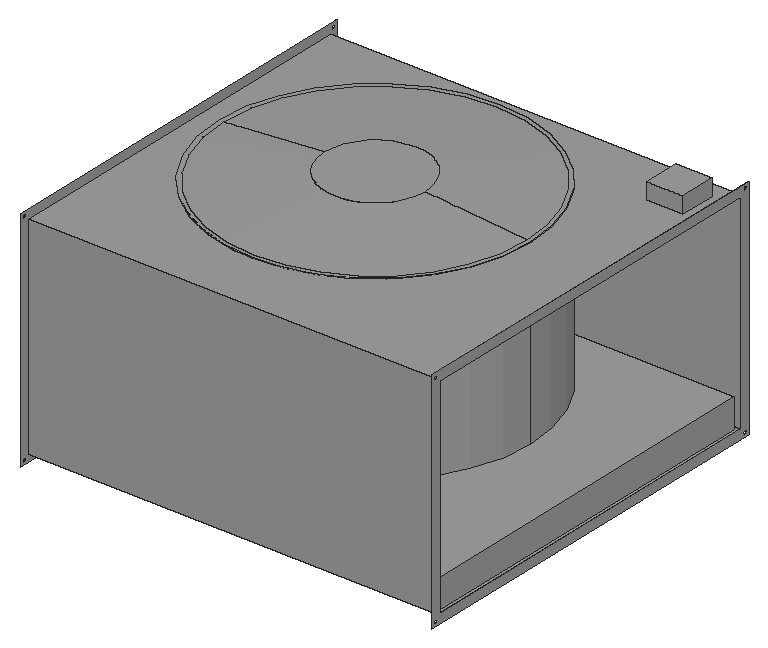
Revit family "BIMLIB_КанальныйВентилятор_RF-VIM_RF-B-VIM_RF-B-EC_SHUFT", category Оборудование, Revit 2017
Family settings
  Размер круглого соединителя = Использовать диаметр
  Тип детали = Вставляется
  На основе рабочей плоскости = Нет
  Всегда вертикально = Да
  При загрузке вырезать с полостями = Нет
  Общий = Нет
  Точка расчета площади = Нет
Parameters (values of type "RFD-B EC 900x500-S")
  Ширина клеммной коробки = 85 mm
  Повернуть УГО [instance] = yes
  Описание = "Корпус вентиляторов серии RFE-B EC изготовлен из оцинкованной стали. Вентиляторы оборудованы высокоэффективной крыльчаткой с вперед загнутыми лопатками и асинхронным двигателем с внешним ротором IP54, клеммная коробка IP55. Рабочее колесо установлено методом напрессовки непосредственно на ротор электродвигателя. Электродвигатель с рабочим колесом статически и динамически сбалансированы в двух плоскостях. Шариковые подшипники двигателя не требуют техобслуживания. Защита двигателя вентилятора осуществляется встроенными термоконтактами, требующими подключения внешнего защитного термореле. В случае применения пятиступенчатых регуляторов скорости TRE-T и TRD-T дополнительное защитное термореле не нужно. Регулирование скорости вентилятора осуществляется путем изменения напряжения за счет использования пятиступенчатых трансформаторов TRE-T, TRD-T или однофазных плавных регуляторов скорости SRE."
  Климатическое исполнение = "У2"  # constant formula
  Изготовитель = "ООО «Завод ВКО» марка SHUFT"  # constant formula
  Глубина клеммной коробки = 85 mm
  Высота коннекторов = ADSK_Размер_Высота / 2  # 250 mm
  Высота клеммной коробки = 40 mm
  r3 [instance] = size_lookup("Размеры", "r3", 0 mm, H, W, Тип, if(Модификация S, 1, 0), if(Модицикация M, 1, 0))  # 120 mm
  r2 [instance] = size_lookup("Размеры", "r2", 0 mm, H, W, Тип, if(Модификация S, 1, 0), if(Модицикация M, 1, 0))  # 360 mm
  r1 [instance] = size_lookup("Размеры", "r1", 0 mm, H, W, Тип, if(Модификация S, 1, 0), if(Модицикация M, 1, 0))  # 370 mm
  r [instance] = d / 2  # 5 mm
  d [instance] = size_lookup("Размеры", "d", 0 mm, H, W, Тип, if(Модификация S, 1, 0), if(Модицикация M, 1, 0))  # 10 mm
  Watermark [instance] = "Модели защищены уникальным кодом"
  W2 [instance] = size_lookup("Размеры", "W2", 0 mm, H, W, Тип, if(Модификация S, 1, 0), if(Модицикация M, 1, 0))  # 940 mm
  W1 [instance] = size_lookup("Размеры", "W1", 0 mm, H, W, Тип, if(Модификация S, 1, 0), if(Модицикация M, 1, 0))  # 920 mm
  W = ADSK_Размер_Ширина  # 900 mm
  Модификация S = yes
  URL = "http://www.shuft.ru/"
  Тип = 32
  Модицикация M = no
  L [instance] = ADSK_Размер_Длина  # 980 mm
  IP Двигателя = "IP54"
  H2 [instance] = size_lookup("Размеры", "H2", 0 mm, H, W, Тип, if(Модификация S, 1, 0), if(Модицикация M, 1, 0))  # 540 mm
  H1 [instance] = size_lookup("Размеры", "H1", 0 mm, H, W, Тип, if(Модификация S, 1, 0), if(Модицикация M, 1, 0))  # 520 mm
  H* [instance] = size_lookup("Размеры", "H*", 0 mm, H, W, Тип, if(Модификация S, 1, 0), if(Модицикация M, 1, 0))  # 540 mm
  H = ADSK_Размер_Высота  # 500 mm
  BL_Разработано = "support@bimlib.pro"  # constant formula
  BL_Email = "bimmodels@rusklimat.ru"  # constant formula
  BL_BIM library = "https://bimlib.pro/manufacturer/company/23829"
  ADSK_Частота вращения двигателя [instance] = size_lookup("Данные", "ADSK_Частота вращения двигателя", 0, H, W, L, Тип)  # 1860
  ADSK_Ток [instance] = size_lookup("Данные", "ADSK_Ток", 0 A, H, W, L, Тип)  # 5.8 A
  ADSK_Расход воздуха [instance] = 0.0 L/s
  ADSK_Размер_Ширина = 900 mm
  ADSK_Размер_Длина [instance] = size_lookup("Размеры", "L", 0 mm, H, W, Тип, if(Модификация S, 1, 0), if(Модицикация M, 1, 0))  # 980 mm
  ADSK_Размер_Высота = 500 mm
  ADSK_Примечание [instance] = ""
  ADSK_Потеря давления воздуха [instance] = 0.0 Pa
  ADSK_Полная мощность [instance] = ADSK_Номинальная мощность  # 3.6 kW
  ADSK_Позиция = ""
  ADSK_Обозначение = ""
  ADSK_Номинальная мощность [instance] = size_lookup("Данные", "ADSK_Номинальная мощность", 0 kW, H, W, L, Тип)  # 3.6 kW
  ADSK_Напряжение [instance] = size_lookup("Данные", "f", 0, H, W, L, Тип, if([230B], 1, 0), if([400B], 1, 0)) * 1 V  # 400 V
  ADSK_Наименование = "Канальный вентилятор RFD-B EC 900x500-S"
  ADSK_Материал = BIMLIB_Сталь_SHUFT
  ADSK_Масса [instance] = size_lookup("Данные", "ADSK_Масса", 0, H, W, L)  # 89
  ADSK_Марка [instance] = size_lookup("Данные", "", "Нет решения", H, W, L, Тип, if([230B], 1, 0), if([400B], 1, 0), if(Модификация S, 1, 0), if(Модицикация M, 1, 0))  # "RFD-B EC 900x500-S"
  ADSK_Коэффициент мощности = 1
  ADSK_Количество фаз = 3
  ADSK_Код изделия [instance] = ADSK_Марка  # "RFD-B EC 900x500-S"
  ADSK_Классификация нагрузок = Прочее
  ADSK_Завод-изготовитель = "ООО «Завод ВКО» марка SHUFT"  # constant formula
  ADSK_Единица измерения = "шт."  # constant formula
  ADSK_Версия семейства = "v.1"  # constant formula
  ADSK_Версия Revit = "2017"  # constant formula
  ADSK_URL страницы изделия = "http://www.shuft.ru/catalog/1/200/3000/101670/"
  ADSK_URL документации изделия = "http://www.shuft.ru/upload/downloads/passport-RF_VIM.pdf"
  400B = yes
  230B = no
Reference planes
  plane 1 "По центру (Вперед/Назад)": y = 0
  plane 2: z = 0
  plane 3 "По центру (Влево/Вправо)": x = 0
  plane 4: x = 490
  plane 5: x = -490
  plane 6: z = 250
  plane 7: z = -250
  plane 8: y = -450
  plane 9: y = 450
  plane 10: z = -270
  plane 11: z = 270
  plane 12: y = 470
  plane 13: y = -470
  plane 14: z = -260
  plane 15: z = 260
  plane 16: y = -460
  plane 17: y = 460
  plane 18: z = 270
  plane 19: x = 480
  plane 20: x = -480
  plane 21: x = -75
  plane 22: y = 66.6
  plane 23: y = -440
  plane 24: y = 440
  plane 25: x = 450
  plane 26: x = 365
  plane 27: y = 410
  plane 28: y = 325
  plane 29: z = 290
Forms (mm)
  Extrusion 1, solid, material "BIMLIB_Сталь_SHUFT" <- "ADSK_Материал", detail levels medium+fine
    sketch origin (0, 0, 0) x (0, 1, 0) y (0, 0, 1)
      loop
        line (-450, 250) -> (-450, -250) -> (450, -250) -> (450, 250) -> (-450, 250)
      loop
        line (-449, -249) -> (449, -249) -> (449, 249) -> (-449, 249) -> (-449, -249)
    from -489 to 489
  Extrusion 2, solid, material "BIMLIB_Сталь_SHUFT" <- "ADSK_Материал", detail levels medium+fine
    sketch origin (0, 0, 0) x (0, 1, 0) y (0, 0, -1)
      loop
        line (-470, -270) -> (470, -270) -> (470, 270) -> (-470, 270) -> (-470, -270)
      loop
        line (-448, -248) -> (448, -248) -> (448, 248) -> (-448, 248) -> (-448, -248)
    from -490 to -489
  Extrusion 3, solid, material "BIMLIB_Сталь_SHUFT" <- "ADSK_Материал", detail levels medium+fine
    sketch origin (0, 0, 0) x (0, 1, 0) y (0, 0, 1)
      loop
        line (-470, 270) -> (-470, -270) -> (470, -270) -> (470, 270) -> (-470, 270)
      loop
        line (-449, 249) -> (-449, -249) -> (449, -249) -> (449, 249) -> (-449, 249)
    from -490 to -489
  Extrusion 4, void
    sketch origin (0, 0, 0) x (0, 1, 0) y (0, 0, 1)
      loop
        circle (-460, 260) r 5
      loop
        circle (460, 260) r 5
      loop
        circle (-460, -260) r 5
      loop
        circle (460, -260) r 5
    from -489 to -490
  Extrusion 5, void
    sketch origin (0, 0, 0) x (0, 1, 0) y (0, 0, -1)
      loop
        circle (-460, -260) r 5
      loop
        circle (460, -260) r 5
      loop
        circle (-460, 260) r 5
      loop
        circle (460, 260) r 5
    from -489 to -490
  Extrusion 6, solid, material "BIMLIB_Сталь_SHUFT" <- "ADSK_Материал", detail levels fine
    sketch origin (0, 0, 0.827) x (0, 1, 0) y (0, 0, 1)
      loop
        line (-440, -249.827) -> (440, -249.827) -> (440, -180.827) -> (-440, -180.827) -> (-440, -249.827)
    from 480 to -480
  Extrusion 7, solid, material "BIMLIB_Сталь_SHUFT" <- "ADSK_Материал", detail levels fine
    sketch origin (0, 0, 0) x (1, 0, 0) y (0, 1, 0)
      loop
        circle (-75, 66.6) r 370
    from 250 to -180
  Blend 8, solid, material "BIMLIB_Сталь_SHUFT" <- "ADSK_Материал", detail levels fine
    base sketch origin (0, 0, 0) x (1, 0, 0) y (0, 1, 0)
      loop
        circle (-75, 66.6) r 360
    top sketch origin (0, 0, 0) x (1, 0, 0) y (0, 1, 0)
      loop
        circle (-75, 66.6) r 120
    from 250 to 270
  Extrusion 9, solid, material "BIMLIB_Сталь_SHUFT" <- "ADSK_Материал", detail levels fine
    sketch origin (0, 0, 0) x (1, 0, 0) y (0, 1, 0)
      loop
        line (365, 410) -> (365, 325) -> (450, 325) -> (450, 410) -> (365, 410)
    from 290 to 250
Cuts and joins
  Extrusion 4, Extrusion 5 cuts Extrusion 3
  Extrusion 5 cuts Extrusion 2
Dimensions and locks
  "L": plane 4 to plane 5
  "H": plane 6 to plane 7
  equal spacing: plane 8, plane 1 "По центру (Вперед/Назад)", plane 9
  "W": plane 8 to plane 9
  equal spacing: plane 6, level, plane 7
  equal spacing: plane 4, plane 3 "По центру (Влево/Вправо)", plane 5
  "H2": plane 11 to plane 10
  equal spacing: plane 11, level, plane 10
  "H1": plane 15 to plane 14
  equal spacing: plane 15, level, plane 14
  "W2": plane 13 to plane 12
  "W1": plane 16 to plane 17
  equal spacing: plane 16, plane 1 "По центру (Вперед/Назад)", plane 17
  "H*": plane 18 to plane 10
  locked: plane 5 to plane 20 at 10
  locked: plane 4 to plane 19 at 10
  locked: Extrusion 6 to plane 7 at 70
  locked: plane 21 to plane 3 "По центру (Влево/Вправо)" at 75
  locked: plane 1 "По центру (Вперед/Назад)" to plane 22 at 66.6
  locked: cut or joined group of Extrusion 3, Extrusion 4, Extrusion 5 to cut or joined group of Extrusion 3, Extrusion 4, Extrusion 5 at 1
  locked: cut or joined group of Extrusion 2, Extrusion 5 to cut or joined group of Extrusion 2, Extrusion 5 at 1
  locked: cut or joined group of Extrusion 2, Extrusion 5 to cut or joined group of Extrusion 2, Extrusion 5 at 22  (x4)
  equal spacing: plane 13, plane 1 "По центру (Вперед/Назад)", plane 12
  locked: plane 24 to plane 9 at 10
  locked: plane 8 to plane 23 at 10
  locked: plane 25 to plane 19 at 30
  "Ширина клеммной коробки": plane 26 to plane 25
  locked: plane 27 to plane 24 at 30
  "Глубина клеммной коробки": plane 28 to plane 27
  "Высота клеммной коробки": plane 29 to plane 6
  "r": radius of Extrusion 4 sketch curve  (x4)
  "r": radius of Extrusion 5 sketch curve  (x4)
  "r1": radius of Extrusion 7 sketch curve
  "r2": radius of Blend 8 sketch curve
  "r3": radius of Blend 8 sketch curve
  aligned and locked: level to plane 2
  aligned and locked: plane 6 to Extrusion 1
  aligned and locked: Extrusion 1 to plane 7
  aligned and locked: Extrusion 1 to Extrusion 2
  aligned and locked: plane 19 to Extrusion 6
  aligned and locked: Extrusion 6 to Extrusion 1
  aligned and locked: plane 6 to Extrusion 7
  aligned and locked: Extrusion 7 to Extrusion 6
  aligned and locked: Blend 8 to plane 6
  aligned and locked: plane 18 to Blend 8
  aligned and locked: Extrusion 4 to Extrusion 1
  aligned and locked: Extrusion 4 to plane 5
  aligned and locked: plane 4 to Extrusion 5
  aligned and locked: Extrusion 5 to Extrusion 1
  aligned and locked: cut or joined group of Extrusion 3, Extrusion 4, Extrusion 5 to Extrusion 1
  aligned and locked: cut or joined group of Extrusion 3, Extrusion 4, Extrusion 5 to plane 5
  aligned and locked: plane 4 to cut or joined group of Extrusion 2, Extrusion 5
  aligned and locked: plane 20 to Extrusion 6
  aligned and locked: plane 23 to Extrusion 6 sketch curve
  aligned and locked: plane 24 to Extrusion 6 sketch curve
  aligned and locked: level to nested 1
  aligned and locked: plane 17 to Extrusion 4 sketch curve
  aligned and locked: plane 15 to Extrusion 4 sketch curve  (x2)
  aligned and locked: plane 14 to Extrusion 4 sketch curve  (x2)
  aligned and locked: Extrusion 4 sketch curve to plane 17
  aligned and locked: plane 16 to Extrusion 4 sketch curve
  aligned and locked: Extrusion 4 sketch curve to plane 16
  aligned and locked: nested 1 to plane 3 "По центру (Влево/Вправо)"
  aligned and locked: nested 1 to plane 1 "По центру (Вперед/Назад)"
  aligned and locked: plane 27 to Extrusion 9 sketch curve
  aligned and locked: plane 26 to Extrusion 9 sketch curve
  aligned and locked: Extrusion 9 sketch curve to plane 28
  aligned and locked: Extrusion 9 sketch curve to plane 25
  aligned and locked: plane 29 to Extrusion 9
  aligned and locked: Extrusion 9 to plane 6
Automatic sketch dimensions
  Extrusion 1 sketch curve to plane 7 = 0 mm
  Extrusion 1 sketch curve to plane 8 = 0 mm
  Extrusion 1 sketch curve to plane 6 = 0 mm
  Extrusion 1 sketch curve to plane 9 = 0 mm
  Extrusion 1 sketch curve to plane 8 = 1 mm
  plane 9 to Extrusion 1 sketch curve = 1 mm
  plane 7 to Extrusion 1 sketch curve = 1 mm
  Extrusion 1 sketch curve to plane 6 = 1 mm
  Extrusion 2 sketch curve to plane 10 = 0 mm
  Extrusion 2 sketch curve to plane 13 = 0 mm
  Extrusion 2 sketch curve to plane 11 = 0 mm
  Extrusion 2 sketch curve to plane 12 = 0 mm
  Extrusion 2 sketch curve to plane 8 = 2 mm
  plane 9 to Extrusion 2 sketch curve = 2 mm
  Extrusion 2 sketch curve to plane 6 = 2 mm
  plane 7 to Extrusion 2 sketch curve = 2 mm
  Extrusion 3 sketch curve to plane 10 = 0 mm
  Extrusion 3 sketch curve to plane 13 = 0 mm
  Extrusion 3 sketch curve to plane 11 = 0 mm
  Extrusion 3 sketch curve to plane 12 = 0 mm
  Extrusion 3 sketch curve to plane 8 = 1 mm
  plane 9 to Extrusion 3 sketch curve = 1 mm
  plane 7 to Extrusion 3 sketch curve = 1 mm
  Extrusion 3 sketch curve to plane 6 = 1 mm
  plane 7 to Extrusion 6 sketch curve = 1 mm
  Extrusion 6 sketch curve to Extrusion 6 sketch curve = 69 mm
  Extrusion 5 sketch curve to plane 14 = 0 mm  (x2)
  Extrusion 5 sketch curve to plane 16 = 0 mm  (x2)
  Extrusion 5 sketch curve to plane 15 = 0 mm  (x2)
  Extrusion 5 sketch curve to plane 17 = 0 mm  (x2)
  Extrusion 7 sketch curve to plane 21 = 0 mm
  plane 22 to Extrusion 7 sketch curve = 0 mm
  Blend 8 sketch curve to plane 21 = 0 mm  (x2)
  plane 22 to Blend 8 sketch curve = 0 mm  (x2)
Nested families
  nested 1: "BIMLIB_УГО_SHUFT" at (0, 0, 0) x (-1, 0, 0) z (0, 0, 1), Высота <- "ADSK_Размер_Высота", Длина <- "ADSK_Размер_Длина", Ширина <- "ADSK_Размер_Ширина", УГО сверху <- "Повернуть УГО", type "BIMLIB_УГО_SHUFT"
    with Ширина/4 225 mm, Ширина 900 mm, УГО спереди no, УГО сверху yes, Длина 980 mm, Высота/4 125 mm, Высота УГО 3д План 126 mm, Высота 500 mm
Connectors
  hvac at (490, 0, 0), driven by "ADSK_Размер_Высота", driven by "ADSK_Размер_Ширина", driven by "ADSK_Расход воздуха", driven by "ADSK_Потеря давления воздуха"
    settings: on cut or joined group of Extrusion 2, Extrusion 5, index 1, duct flow 0.0 L/s, flow factor 0, pres drop 0.0 Pa, loss coef 0, conn angle 0.00°, conn width 900 mm, conn height 500 mm, conn diameter 609.6 mm, duct sys type 29, conn prof type 1, flow config 0, flow direction 1, loss method 0, conn ref index 2, conn util no, is conn primary yes, conn desc "Приточный воздух"
  hvac at (-490, 0, 0), driven by "ADSK_Размер_Высота", driven by "ADSK_Размер_Ширина", driven by "ADSK_Расход воздуха", driven by "ADSK_Потеря давления воздуха"
    settings: on cut or joined group of Extrusion 3, Extrusion 4, Extrusion 5, index 2, duct flow 0.0 L/s, flow factor 0, pres drop 0.0 Pa, loss coef 0, conn angle 0.00°, conn width 900 mm, conn height 500 mm, conn diameter 609.6 mm, duct sys type 29, conn prof type 1, flow config 0, flow direction 2, loss method 0, conn ref index 1, conn util no, is conn primary no, conn desc "Наружный воздух"
  electrical at (407.5, 367.5, 290), driven by "ADSK_Количество фаз", driven by "ADSK_Классификация нагрузок", driven by "ADSK_Напряжение", driven by "ADSK_Полная мощность", driven by "ADSK_Коэффициент мощности"
    settings: on Extrusion 9, index 4, voltage 400 V, apparent load 3.6 kW, apparent load phase1 0 kW, apparent load phase2 0 kW, apparent load phase3 0 kW, power factor 1, load classification "Прочее", number of poles 3, system type 30, power factor state 1, is connector primary yes, connector utility no, sub classification motor no, connector description "Электрический соединитель"
Definition of nested family "BIMLIB_УГО_SHUFT"
  Parameters (values of type "BIMLIB_УГО_SHUFT")
    Ширина/4 [instance] = Ширина / 4  # 105 mm
    Ширина [instance] = 420 mm
    УГО спереди [instance] = not(УГО сверху)  # no
    УГО сверху [instance] = yes
    Высота/4 [instance] = Высота / 4  # 63 mm
    Длина [instance] = 810 mm
    Высота УГО 3д План [instance] = 126 mm
    Высота 1 = 252 mm
    Высота [instance] = 252 mm
  Reference planes
    plane 1 "По центру (Вперед/Назад)": y = 0
    plane 2: z = 0
    plane 3 "По центру (Влево/Вправо)": x = 0
    plane 4: x = -405
    plane 5: x = 405
    plane 6: y = 210
    plane 7: y = -210
    plane 8: z = 126
    plane 9: z = 63
    plane 10: y = 105
    plane 11: y = -105
    plane 12 "УГО": z = 126
    plane 13: z = -63
    plane 14: z = -126
  Lines and regions (mm)
    model lines, visible <- "УГО спереди", detail levels coarse
      curve 1: line (-405, 0, 126) -> (-405, 0, -126)
      curve 2: line (-405, 0, -126) -> (405, 0, -126)
      curve 3: line (405, 0, -126) -> (405, 0, 126)
      curve 4: line (405, 0, 126) -> (-405, 0, 126)
      curve 20: line (-17.124, 0, -46.976) -> (-17.124, 0, 46.976)
      curve 21: line (-17.124, 0, 46.976) -> (50, 0, 0)
      curve 22: circle (0, 0, 0) r 50 normal (0, -1, 0)
      curve 23: line (50, 0, 0) -> (-17.124, 0, -46.976)
    model lines, visible <- "УГО сверху", detail levels coarse
      curve 5: line (-405, 210, 0) -> (-405, -210, 0)
      curve 6: line (-405, -210, 0) -> (405, -210, 0)
      curve 7: line (405, -210, 0) -> (405, 210, 0)
      curve 8: line (405, 210, 0) -> (-405, 210, 0)
      curve 9: line (-38.707, 60.625, 0) -> (71.928, 0, 0)
      curve 10: line (71.928, 0, 0) -> (-38.707, -60.625, 0)
      curve 11: line (-38.707, -60.625, 0) -> (-38.707, 60.625, 0)
      curve 24: circle (0, 0, 0) r 71.928 normal (0, 0, 1)
    symbolic lines, detail levels coarse
      curve 12: line (-405, 0, 126) -> (-405, 0, -126)
      curve 13: line (-405, 0, -126) -> (405, 0, -126)
      curve 14: line (405, 0, -126) -> (405, 0, 126)
      curve 15: line (405, 0, 126) -> (-405, 0, 126)
      curve 16: line (-405, 210, 0) -> (-405, -210, 0)
      curve 17: line (-405, -210, 0) -> (405, -210, 0)
      curve 18: line (405, -210, 0) -> (405, 210, 0)
      curve 19: line (405, 210, 0) -> (-405, 210, 0)
      curve 25: circle (0, 0, 0) r 71.928 normal (0, 0, 1)
      curve 26: line (-38.707, 60.625, 0) -> (-38.707, -60.625, 0)
      curve 27: line (-38.707, -60.625, 0) -> (71.928, 0, 0)
      curve 28: line (71.928, 0, 0) -> (-38.707, 60.625, 0)
      curve 29: circle (0, 0, 0) r 50 normal (0, -1, 0)
      curve 30: line (50, 0, 0) -> (-17.101, 0, 46.985)
      curve 31: line (-17.101, 0, 46.985) -> (-17.101, 0, -46.985)
      curve 32: line (50, 0, 0) -> (-17.101, 0, -46.985)
  Dimensions and locks
    equal spacing: plane 4, plane 3 "По центру (Влево/Вправо)", plane 5
    "Длина": plane 4 to plane 5
    "Ширина": plane 7 to plane 6
    equal spacing: plane 6, plane 10, plane 1 "По центру (Вперед/Назад)", plane 11, plane 7
    "Высота": plane 12 "УГО" to plane 14
    equal spacing: plane 12 "УГО", plane 9, level, plane 13, plane 14
    aligned and locked: level to plane 2
    aligned and locked: plane 8 to curve 15
    aligned and locked: curve 5 to plane 4
    aligned and locked: plane 5 to curve 7
    aligned and locked: plane 14 to curve 13
    aligned and locked: plane 12 "УГО" to curve 15
  Automatic sketch dimensions
    curve 24 to curve 25 = 0 mm  (x2)
    plane 1 "По центру (Вперед/Назад)" to curve 25 = 0 mm
    curve 25 to plane 3 "По центру (Влево/Вправо)" = 0 mm
    plane 1 "По центру (Вперед/Назад)" to curve 28 = 0 mm
    plane 1 "По центру (Вперед/Назад)" to curve 9 = 0 mm
    plane 1 "По центру (Вперед/Назад)" to curve 27 = 0 mm
    plane 7 to curve 16 = 0 mm
    curve 19 to plane 6 = 0 mm
    curve 9 to plane 3 "По центру (Влево/Вправо)" = 38.707 mm
    plane 3 "По центру (Влево/Вправо)" to curve 9 = 71.928 mm
    curve 27 to curve 10 = 0 mm
    curve 28 to curve 9 = 0 mm
    curve 22 to curve 29 = 0 mm  (x2)
    curve 1 to plane 4 = 0 mm
    curve 29 to level = 0 mm
    curve 29 to plane 3 "По центру (Влево/Вправо)" = 0 mm
    curve 21 to level = 0 mm
    curve 32 to level = 0 mm
    curve 15 to plane 5 = 0 mm
    curve 21 to plane 3 "По центру (Влево/Вправо)" = 17.124 mm
    curve 20 to curve 30 = 0.023 mm
    plane 3 "По центру (Влево/Вправо)" to curve 21 = 50 mm
    curve 32 to curve 21 = 0 mm
    radius of curve 25 = 71.928 mm
Types (51, lengths in mm): name | Ширина клеммной коробки | Описание | Глубина клеммной коробки | Высота коннекторов | Высота клеммной коробки | r3 | r2 | r1 | r | d | W2 | W1 | W | Модификация S | Тип | Модицикация M | L | IP Двигателя | H2 | H1 | H* | H | ADSK_Частота вращения двигателя | ADSK_Ток | ADSK_Размер_Ширина | ADSK_Размер_Длина | ADSK_Размер_Высота | ADSK_Полная мощность | ADSK_Номинальная мощность | ADSK_Напряжение | ADSK_Наименование | ADSK_Масса | ADSK_Марка | ADSK_Количество фаз | ADSK_Код изделия | ADSK_URL страницы изделия | ADSK_URL документации изделия | 400B | 230B
  (no name) | 85 | "Корпус вентиляторов серии RFE-B EC изготовлен из оцинкованной стали. Вентиляторы оборудованы высокоэффективной крыльчаткой с вперед загнутыми лопатками и асинхронным двигателем с внешним ротором IP54, клеммная коробка IP55. Рабочее колесо установлено методом напрессовки непосредственно на ротор электродвигателя. Электродвигатель с рабочим колесом статически и динамически сбалансированы в двух плоскостях. Шариковые подшипники двигателя не требуют техобслуживания. Защита двигателя вентилятора осуществляется встроенными термоконтактами, требующими подключения внешнего защитного термореле. В случае применения пятиступенчатых регуляторов скорости TRE-T и TRD-T дополнительное защитное термореле не нужно. Регулирование скорости вентилятора осуществляется путем изменения напряжения за счет использования пятиступенчатых трансформаторов TRE-T, TRD-T или однофазных плавных регуляторов скорости SRE." | 85 | 250 | 40 | 120 | 360 | 370 | 5 | 10 | 940 | 920 | 900 | yes | 32 | no | 980 | "IP54" | 540 | 520 | 540 | 500 | 1860 | 5.8 A | 900 | 980 | 500 | 3.6 kW | 3.6 kW | 400 V | "Канальный вентилятор RFD-B EC 900x500-S" | 89 | "RFD-B EC 900x500-S" | 3 | "RFD-B EC 900x500-S" | "http://www.shuft.ru/catalog/1/200/3000/101670/" | "http://www.shuft.ru/upload/downloads/passport-RF_VIM.pdf" | yes | no
  RFE 400х200-4 VIM | 85 | "Корпус вентиляторов серии RF VIM изготовлен из оцинкованной стали. Вентиляторы оборудованы высокоэффективной крыльчаткой с вперед загнутыми лопатками и асинхронным двигателем с внешним ротором IP54, клеммная коробка IP55. Рабочее колесо установлено методом напрессовки непосредственно на ротор электродвигателя. Электродвигатель с рабочим колесом статически и динамически сбалансированы в двух плоскостях. Шариковые подшипники двигателя не требуют техобслуживания. Защита двигателя вентилятора осуществляется встроенными термоконтактами, требующими подключения внешнего защитного термореле. В случае применения пятиступенчатых регуляторов скорости TRE-T и TRD-T дополнительное защитное термореле не нужно. Регулирование скорости вентилятора осуществляется путем изменения напряжения за счет использования пятиступенчатых трансформаторов TRE-T, TRD-T или однофазных плавных регуляторов скорости SRE." | 85 | 100 | 40 | 40 | 115 | 120 | 4.5 | 9 | 442 | 422 | 400 | no | 1 | no | 450 | "IP54" | 242 | 222 | 263 | 200 | 1340 | 1.4 A | 400 | 450 | 200 | 0.32 kW | 0.32 kW | 230 V | "Канальный вентилятор RFE 400х200-4 VIM" | 12.25 | "RFE 400х200-4 VIM" | 1 | "RFE 400х200-4 VIM" | "http://www.shuft.ru/catalog/1/200/3000/4008/" | "http://www.shuft.ru/upload/downloads/passport-RF_VIM.pdf" | no | yes
  RFD 400х200-4 VIM | 85 | "Корпус вентиляторов серии RF VIM изготовлен из оцинкованной стали. Вентиляторы оборудованы высокоэффективной крыльчаткой с вперед загнутыми лопатками и асинхронным двигателем с внешним ротором IP54, клеммная коробка IP55. Рабочее колесо установлено методом напрессовки непосредственно на ротор электродвигателя. Электродвигатель с рабочим колесом статически и динамически сбалансированы в двух плоскостях. Шариковые подшипники двигателя не требуют техобслуживания. Защита двигателя вентилятора осуществляется встроенными термоконтактами, требующими подключения внешнего защитного термореле. В случае применения пятиступенчатых регуляторов скорости TRE-T и TRD-T дополнительное защитное термореле не нужно. Регулирование скорости вентилятора осуществляется путем изменения напряжения за счет использования пятиступенчатых трансформаторов TRE-T, TRD-T или однофазных плавных регуляторов скорости SRE." | 85 | 100 | 40 | 40 | 115 | 120 | 4.5 | 9 | 442 | 422 | 400 | no | 2 | no | 450 | "IP54" | 242 | 222 | 263 | 200 | 1300 | 0.58 A | 400 | 450 | 200 | 0.3 kW | 0.3 kW | 400 V | "Канальный вентилятор RFD 400х200-4 VIM" | 12.25 | "RFD 400х200-4 VIM" | 3 | "RFD 400х200-4 VIM" | "http://www.shuft.ru/catalog/1/200/3000/4008/" | "http://www.shuft.ru/upload/downloads/passport-RF_VIM.pdf" | yes | no
  RFE 500x250-4 VIM | 85 | "Корпус вентиляторов серии RF VIM изготовлен из оцинкованной стали. Вентиляторы оборудованы высокоэффективной крыльчаткой с вперед загнутыми лопатками и асинхронным двигателем с внешним ротором IP54, клеммная коробка IP55. Рабочее колесо установлено методом напрессовки непосредственно на ротор электродвигателя. Электродвигатель с рабочим колесом статически и динамически сбалансированы в двух плоскостях. Шариковые подшипники двигателя не требуют техобслуживания. Защита двигателя вентилятора осуществляется встроенными термоконтактами, требующими подключения внешнего защитного термореле. В случае применения пятиступенчатых регуляторов скорости TRE-T и TRD-T дополнительное защитное термореле не нужно. Регулирование скорости вентилятора осуществляется путем изменения напряжения за счет использования пятиступенчатых трансформаторов TRE-T, TRD-T или однофазных плавных регуляторов скорости SRE." | 85 | 125 | 40 | 50 | 165 | 170 | 4.5 | 9 | 542 | 522 | 500 | no | 3 | no | 535 | "IP54" | 292 | 272 | 320 | 250 | 1300 | 2.15 A | 500 | 535 | 250 | 0.47 kW | 0.47 kW | 230 V | "Канальный вентилятор RFE 500x250-4 VIM" | 17.2 | "RFE 500x250-4 VIM" | 1 | "RFE 500x250-4 VIM" | "http://www.shuft.ru/catalog/1/200/3000/4008/" | "http://www.shuft.ru/upload/downloads/passport-RF_VIM.pdf" | no | yes
  RFD 500x250-4 VIM | 85 | "Корпус вентиляторов серии RF VIM изготовлен из оцинкованной стали. Вентиляторы оборудованы высокоэффективной крыльчаткой с вперед загнутыми лопатками и асинхронным двигателем с внешним ротором IP54, клеммная коробка IP55. Рабочее колесо установлено методом напрессовки непосредственно на ротор электродвигателя. Электродвигатель с рабочим колесом статически и динамически сбалансированы в двух плоскостях. Шариковые подшипники двигателя не требуют техобслуживания. Защита двигателя вентилятора осуществляется встроенными термоконтактами, требующими подключения внешнего защитного термореле. В случае применения пятиступенчатых регуляторов скорости TRE-T и TRD-T дополнительное защитное термореле не нужно. Регулирование скорости вентилятора осуществляется путем изменения напряжения за счет использования пятиступенчатых трансформаторов TRE-T, TRD-T или однофазных плавных регуляторов скорости SRE." | 85 | 125 | 40 | 50 | 165 | 170 | 4.5 | 9 | 542 | 522 | 500 | no | 4 | no | 535 | "IP54" | 292 | 272 | 320 | 250 | 1340 | 0.9 A | 500 | 535 | 250 | 0.47 kW | 0.47 kW | 400 V | "Канальный вентилятор RFD 500x250-4 VIM" | 17.2 | "RFD 500x250-4 VIM" | 3 | "RFD 500x250-4 VIM" | "http://www.shuft.ru/catalog/1/200/3000/4008/" | "http://www.shuft.ru/upload/downloads/passport-RF_VIM.pdf" | yes | no
  RFE 500x300-4 VIM | 85 | "Корпус вентиляторов серии RF VIM изготовлен из оцинкованной стали. Вентиляторы оборудованы высокоэффективной крыльчаткой с вперед загнутыми лопатками и асинхронным двигателем с внешним ротором IP54, клеммная коробка IP55. Рабочее колесо установлено методом напрессовки непосредственно на ротор электродвигателя. Электродвигатель с рабочим колесом статически и динамически сбалансированы в двух плоскостях. Шариковые подшипники двигателя не требуют техобслуживания. Защита двигателя вентилятора осуществляется встроенными термоконтактами, требующими подключения внешнего защитного термореле. В случае применения пятиступенчатых регуляторов скорости TRE-T и TRD-T дополнительное защитное термореле не нужно. Регулирование скорости вентилятора осуществляется путем изменения напряжения за счет использования пятиступенчатых трансформаторов TRE-T, TRD-T или однофазных плавных регуляторов скорости SRE." | 85 | 150 | 40 | 60 | 165 | 175 | 4.5 | 9 | 542 | 522 | 500 | no | 5 | no | 565 | "IP54" | 342 | 322 | 377 | 300 | 1390 | 4 A | 500 | 565 | 300 | 0.91 kW | 0.91 kW | 230 V | "Канальный вентилятор RFE 500x300-4 VIM" | 22 | "RFE 500x300-4 VIM" | 1 | "RFE 500x300-4 VIM" | "http://www.shuft.ru/catalog/1/200/3000/4008/" | "http://www.shuft.ru/upload/downloads/passport-RF_VIM.pdf" | no | yes
  RFD 500x300-4 VIM | 85 | "Корпус вентиляторов серии RF VIM изготовлен из оцинкованной стали. Вентиляторы оборудованы высокоэффективной крыльчаткой с вперед загнутыми лопатками и асинхронным двигателем с внешним ротором IP54, клеммная коробка IP55. Рабочее колесо установлено методом напрессовки непосредственно на ротор электродвигателя. Электродвигатель с рабочим колесом статически и динамически сбалансированы в двух плоскостях. Шариковые подшипники двигателя не требуют техобслуживания. Защита двигателя вентилятора осуществляется встроенными термоконтактами, требующими подключения внешнего защитного термореле. В случае применения пятиступенчатых регуляторов скорости TRE-T и TRD-T дополнительное защитное термореле не нужно. Регулирование скорости вентилятора осуществляется путем изменения напряжения за счет использования пятиступенчатых трансформаторов TRE-T, TRD-T или однофазных плавных регуляторов скорости SRE." | 85 | 150 | 40 | 60 | 165 | 175 | 4.5 | 9 | 542 | 522 | 500 | no | 6 | no | 565 | "IP54" | 342 | 322 | 377 | 300 | 1380 | 1.72 A | 500 | 565 | 300 | 0.86 kW | 0.86 kW | 400 V | "Канальный вентилятор RFD 500x300-4 VIM" | 22 | "RFD 500x300-4 VIM" | 3 | "RFD 500x300-4 VIM" | "http://www.shuft.ru/catalog/1/200/3000/4008/" | "http://www.shuft.ru/upload/downloads/passport-RF_VIM.pdf" | yes | no
  RFE 600x300-4 VIM | 85 | "Корпус вентиляторов серии RF VIM изготовлен из оцинкованной стали. Вентиляторы оборудованы высокоэффективной крыльчаткой с вперед загнутыми лопатками и асинхронным двигателем с внешним ротором IP54, клеммная коробка IP55. Рабочее колесо установлено методом напрессовки непосредственно на ротор электродвигателя. Электродвигатель с рабочим колесом статически и динамически сбалансированы в двух плоскостях. Шариковые подшипники двигателя не требуют техобслуживания. Защита двигателя вентилятора осуществляется встроенными термоконтактами, требующими подключения внешнего защитного термореле. В случае применения пятиступенчатых регуляторов скорости TRE-T и TRD-T дополнительное защитное термореле не нужно. Регулирование скорости вентилятора осуществляется путем изменения напряжения за счет использования пятиступенчатых трансформаторов TRE-T, TRD-T или однофазных плавных регуляторов скорости SRE." | 85 | 150 | 40 | 70 | 210 | 215 | 4.5 | 9 | 642 | 622 | 600 | no | 7 | no | 645 | "IP54" | 342 | 322 | 377 | 300 | 1350 | 5.5 A | 600 | 645 | 300 | 1.25 kW | 1.25 kW | 230 V | "Канальный вентилятор RFE 600x300-4 VIM" | 30.5 | "RFE 600x300-4 VIM" | 1 | "RFE 600x300-4 VIM" | "http://www.shuft.ru/catalog/1/200/3000/4008/" | "http://www.shuft.ru/upload/downloads/passport-RF_VIM.pdf" | no | yes
  RFD 600x300-4 VIM | 85 | "Корпус вентиляторов серии RF VIM изготовлен из оцинкованной стали. Вентиляторы оборудованы высокоэффективной крыльчаткой с вперед загнутыми лопатками и асинхронным двигателем с внешним ротором IP54, клеммная коробка IP55. Рабочее колесо установлено методом напрессовки непосредственно на ротор электродвигателя. Электродвигатель с рабочим колесом статически и динамически сбалансированы в двух плоскостях. Шариковые подшипники двигателя не требуют техобслуживания. Защита двигателя вентилятора осуществляется встроенными термоконтактами, требующими подключения внешнего защитного термореле. В случае применения пятиступенчатых регуляторов скорости TRE-T и TRD-T дополнительное защитное термореле не нужно. Регулирование скорости вентилятора осуществляется путем изменения напряжения за счет использования пятиступенчатых трансформаторов TRE-T, TRD-T или однофазных плавных регуляторов скорости SRE." | 85 | 150 | 40 | 70 | 210 | 215 | 4.5 | 9 | 642 | 622 | 600 | no | 8 | no | 645 | "IP54" | 342 | 322 | 377 | 300 | 1350 | 2.54 A | 600 | 645 | 300 | 1.4 kW | 1.4 kW | 400 V | "Канальный вентилятор RFD 600x300-4 VIM" | 30.5 | "RFD 600x300-4 VIM" | 3 | "RFD 600x300-4 VIM" | "http://www.shuft.ru/catalog/1/200/3000/4008/" | "http://www.shuft.ru/upload/downloads/passport-RF_VIM.pdf" | yes | no
  RFE 600x350-4 VIM | 120 | "Корпус вентиляторов серии RF VIM изготовлен из оцинкованной стали. Вентиляторы оборудованы высокоэффективной крыльчаткой с вперед загнутыми лопатками и асинхронным двигателем с внешним ротором IP54, клеммная коробка IP55. Рабочее колесо установлено методом напрессовки непосредственно на ротор электродвигателя. Электродвигатель с рабочим колесом статически и динамически сбалансированы в двух плоскостях. Шариковые подшипники двигателя не требуют техобслуживания. Защита двигателя вентилятора осуществляется встроенными термоконтактами, требующими подключения внешнего защитного термореле. В случае применения пятиступенчатых регуляторов скорости TRE-T и TRD-T дополнительное защитное термореле не нужно. Регулирование скорости вентилятора осуществляется путем изменения напряжения за счет использования пятиступенчатых трансформаторов TRE-T, TRD-T или однофазных плавных регуляторов скорости SRE." | 80 | 175 | 50 | 70 | 210 | 215 | 5 | 10 | 642 | 622 | 600 | no | 9 | no | 705 | "IP54" | 392 | 372 | 422 | 350 | 1360 | 10 A | 600 | 705 | 350 | 2.3 kW | 2.3 kW | 230 V | "Канальный вентилятор RFE 600x350-4 VIM" | 43.5 | "RFE 600x350-4 VIM" | 1 | "RFE 600x350-4 VIM" | "http://www.shuft.ru/catalog/1/200/3000/4008/" | "http://www.shuft.ru/upload/downloads/passport-RF_VIM.pdf" | no | yes
  RFD 600x350-4 VIM | 85 | "Корпус вентиляторов серии RF VIM изготовлен из оцинкованной стали. Вентиляторы оборудованы высокоэффективной крыльчаткой с вперед загнутыми лопатками и асинхронным двигателем с внешним ротором IP54, клеммная коробка IP55. Рабочее колесо установлено методом напрессовки непосредственно на ротор электродвигателя. Электродвигатель с рабочим колесом статически и динамически сбалансированы в двух плоскостях. Шариковые подшипники двигателя не требуют техобслуживания. Защита двигателя вентилятора осуществляется встроенными термоконтактами, требующими подключения внешнего защитного термореле. В случае применения пятиступенчатых регуляторов скорости TRE-T и TRD-T дополнительное защитное термореле не нужно. Регулирование скорости вентилятора осуществляется путем изменения напряжения за счет использования пятиступенчатых трансформаторов TRE-T, TRD-T или однофазных плавных регуляторов скорости SRE." | 85 | 175 | 40 | 70 | 210 | 215 | 5 | 10 | 642 | 622 | 600 | no | 10 | no | 705 | "IP54" | 392 | 372 | 422 | 350 | 1360 | 4 A | 600 | 705 | 350 | 2.2 kW | 2.2 kW | 400 V | "Канальный вентилятор RFD 600x350-4 VIM" | 43.5 | "RFD 600x350-4 VIM" | 3 | "RFD 600x350-4 VIM" | "http://www.shuft.ru/catalog/1/200/3000/4008/" | "http://www.shuft.ru/upload/downloads/passport-RF_VIM.pdf" | yes | no
  RFD 700x400-4 VIM | 85 | "Корпус вентиляторов серии RF VIM изготовлен из оцинкованной стали. Вентиляторы оборудованы высокоэффективной крыльчаткой с вперед загнутыми лопатками и асинхронным двигателем с внешним ротором IP54, клеммная коробка IP55. Рабочее колесо установлено методом напрессовки непосредственно на ротор электродвигателя. Электродвигатель с рабочим колесом статически и динамически сбалансированы в двух плоскостях. Шариковые подшипники двигателя не требуют техобслуживания. Защита двигателя вентилятора осуществляется встроенными термоконтактами, требующими подключения внешнего защитного термореле. В случае применения пятиступенчатых регуляторов скорости TRE-T и TRD-T дополнительное защитное термореле не нужно. Регулирование скорости вентилятора осуществляется путем изменения напряжения за счет использования пятиступенчатых трансформаторов TRE-T, TRD-T или однофазных плавных регуляторов скорости SRE." | 85 | 200 | 40 | 90 | 255 | 265 | 5 | 10 | 742 | 722 | 700 | no | 11 | no | 785 | "IP54" | 442 | 422 | 484 | 400 | 1340 | 5.9 A | 700 | 785 | 400 | 3.5 kW | 3.5 kW | 400 V | "Канальный вентилятор RFD 700x400-4 VIM" | 61 | "RFD 700x400-4 VIM" | 3 | "RFD 700x400-4 VIM" | "http://www.shuft.ru/catalog/1/200/3000/4008/" | "http://www.shuft.ru/upload/downloads/passport-RF_VIM.pdf" | yes | no
  RFD 800x500-4 VIM | 85 | "Корпус вентиляторов серии RF VIM изготовлен из оцинкованной стали. Вентиляторы оборудованы высокоэффективной крыльчаткой с вперед загнутыми лопатками и асинхронным двигателем с внешним ротором IP54, клеммная коробка IP55. Рабочее колесо установлено методом напрессовки непосредственно на ротор электродвигателя. Электродвигатель с рабочим колесом статически и динамически сбалансированы в двух плоскостях. Шариковые подшипники двигателя не требуют техобслуживания. Защита двигателя вентилятора осуществляется встроенными термоконтактами, требующими подключения внешнего защитного термореле. В случае применения пятиступенчатых регуляторов скорости TRE-T и TRD-T дополнительное защитное термореле не нужно. Регулирование скорости вентилятора осуществляется путем изменения напряжения за счет использования пятиступенчатых трансформаторов TRE-T, TRD-T или однофазных плавных регуляторов скорости SRE." | 85 | 250 | 40 | 100 | 305 | 315 | 5 | 10 | 842 | 822 | 800 | no | 12 | no | 885 | "IP54" | 542 | 522 | 584 | 500 | 1400 | 8 A | 800 | 885 | 500 | 4.8 kW | 4.8 kW | 400 V | "Канальный вентилятор RFD 800x500-4 VIM" | 79.3 | "RFD 800x500-4 VIM" | 3 | "RFD 800x500-4 VIM" | "http://www.shuft.ru/catalog/1/200/3000/4008/" | "http://www.shuft.ru/upload/downloads/passport-RF_VIM.pdf" | yes | no
  RFD 900x500-6M VIM | 85 | "Корпус вентиляторов серии RF VIM изготовлен из оцинкованной стали. Вентиляторы оборудованы высокоэффективной крыльчаткой с вперед загнутыми лопатками и асинхронным двигателем с внешним ротором IP54, клеммная коробка IP55. Рабочее колесо установлено методом напрессовки непосредственно на ротор электродвигателя. Электродвигатель с рабочим колесом статически и динамически сбалансированы в двух плоскостях. Шариковые подшипники двигателя не требуют техобслуживания. Защита двигателя вентилятора осуществляется встроенными термоконтактами, требующими подключения внешнего защитного термореле. В случае применения пятиступенчатых регуляторов скорости TRE-T и TRD-T дополнительное защитное термореле не нужно. Регулирование скорости вентилятора осуществляется путем изменения напряжения за счет использования пятиступенчатых трансформаторов TRE-T, TRD-T или однофазных плавных регуляторов скорости SRE." | 85 | 250 | 40 | 120 | 360 | 370 | 5 | 10 | 940 | 920 | 900 | no | 13 | no | 952 | "IP54" | 540 | 520 | 500 | 500 | 930 | 6 A | 900 | 952 | 500 | 3.5 kW | 3.5 kW | 400 V | "Канальный вентилятор RFD 900x500-6M VIM" | 55 | "RFD 900x500-6M VIM" | 3 | "RFD 900x500-6M VIM" | "http://www.shuft.ru/catalog/1/200/3000/4008/" | "http://www.shuft.ru/upload/downloads/passport-RF_VIM.pdf" | yes | no
  RFD 900x500-4M VIM | 85 | "Корпус вентиляторов серии RF VIM изготовлен из оцинкованной стали. Вентиляторы оборудованы высокоэффективной крыльчаткой с вперед загнутыми лопатками и асинхронным двигателем с внешним ротором IP54, клеммная коробка IP55. Рабочее колесо установлено методом напрессовки непосредственно на ротор электродвигателя. Электродвигатель с рабочим колесом статически и динамически сбалансированы в двух плоскостях. Шариковые подшипники двигателя не требуют техобслуживания. Защита двигателя вентилятора осуществляется встроенными термоконтактами, требующими подключения внешнего защитного термореле. В случае применения пятиступенчатых регуляторов скорости TRE-T и TRD-T дополнительное защитное термореле не нужно. Регулирование скорости вентилятора осуществляется путем изменения напряжения за счет использования пятиступенчатых трансформаторов TRE-T, TRD-T или однофазных плавных регуляторов скорости SRE." | 85 | 250 | 40 | 120 | 360 | 370 | 5 | 10 | 940 | 920 | 900 | no | 14 | no | 952 | "IP54" | 540 | 520 | 500 | 500 | 1400 | 8 A | 900 | 952 | 500 | 4.8 kW | 4.8 kW | 400 V | "Канальный вентилятор RFD 900x500-4M VIM" | 55 | "RFD 900x500-4M VIM" | 3 | "RFD 900x500-4M VIM" | "http://www.shuft.ru/catalog/1/200/3000/4008/" | "http://www.shuft.ru/upload/downloads/passport-RF_VIM.pdf" | yes | no
  RFD 1000x500-6M VIM | 85 | "Корпус вентиляторов серии RF VIM изготовлен из оцинкованной стали. Вентиляторы оборудованы высокоэффективной крыльчаткой с вперед загнутыми лопатками и асинхронным двигателем с внешним ротором IP54, клеммная коробка IP55. Рабочее колесо установлено методом напрессовки непосредственно на ротор электродвигателя. Электродвигатель с рабочим колесом статически и динамически сбалансированы в двух плоскостях. Шариковые подшипники двигателя не требуют техобслуживания. Защита двигателя вентилятора осуществляется встроенными термоконтактами, требующими подключения внешнего защитного термореле. В случае применения пятиступенчатых регуляторов скорости TRE-T и TRD-T дополнительное защитное термореле не нужно. Регулирование скорости вентилятора осуществляется путем изменения напряжения за счет использования пятиступенчатых трансформаторов TRE-T, TRD-T или однофазных плавных регуляторов скорости SRE." | 85 | 250 | 40 | 150 | 370 | 390 | 5 | 10 | 1042 | 1022 | 1000 | no | 15 | no | 985 | "IP54" | 542 | 522 | 542 | 500 | 930 | 6 A | 1000 | 985 | 500 | 3.5 kW | 3.5 kW | 400 V | "Канальный вентилятор RFD 1000x500-6M VIM" | 103 | "RFD 1000x500-6M VIM" | 3 | "RFD 1000x500-6M VIM" | "http://www.shuft.ru/catalog/1/200/3000/4008/" | "http://www.shuft.ru/upload/downloads/passport-RF_VIM.pdf" | yes | no
  RFD 1000x500-4 VIM | 85 | "Корпус вентиляторов серии RF VIM изготовлен из оцинкованной стали. Вентиляторы оборудованы высокоэффективной крыльчаткой с вперед загнутыми лопатками и асинхронным двигателем с внешним ротором IP54, клеммная коробка IP55. Рабочее колесо установлено методом напрессовки непосредственно на ротор электродвигателя. Электродвигатель с рабочим колесом статически и динамически сбалансированы в двух плоскостях. Шариковые подшипники двигателя не требуют техобслуживания. Защита двигателя вентилятора осуществляется встроенными термоконтактами, требующими подключения внешнего защитного термореле. В случае применения пятиступенчатых регуляторов скорости TRE-T и TRD-T дополнительное защитное термореле не нужно. Регулирование скорости вентилятора осуществляется путем изменения напряжения за счет использования пятиступенчатых трансформаторов TRE-T, TRD-T или однофазных плавных регуляторов скорости SRE." | 85 | 250 | 40 | 150 | 370 | 390 | 5 | 10 | 1040 | 1020 | 1000 | no | 16 | no | 985 | "IP54" | 540 | 520 | 500 | 500 | 1180 | 8.3 A | 1000 | 985 | 500 | 4.9 kW | 4.9 kW | 400 V | "Канальный вентилятор RFD 1000x500-4 VIM" | 103 | "RFD 1000x500-4 VIM" | 3 | "RFD 1000x500-4 VIM" | "http://www.shuft.ru/catalog/1/200/3000/4008/" | "http://www.shuft.ru/upload/downloads/passport-RF_VIM.pdf" | yes | no
  RFE-B EC 300x150 | 85 | "Корпус вентиляторов серии RFE-B EC изготовлен из оцинкованной стали. Вентиляторы оборудованы высокоэффективной крыльчаткой с вперед загнутыми лопатками и асинхронным двигателем с внешним ротором IP54, клеммная коробка IP55. Рабочее колесо установлено методом напрессовки непосредственно на ротор электродвигателя. Электродвигатель с рабочим колесом статически и динамически сбалансированы в двух плоскостях. Шариковые подшипники двигателя не требуют техобслуживания. Защита двигателя вентилятора осуществляется встроенными термоконтактами, требующими подключения внешнего защитного термореле. В случае применения пятиступенчатых регуляторов скорости TRE-T и TRD-T дополнительное защитное термореле не нужно. Регулирование скорости вентилятора осуществляется путем изменения напряжения за счет использования пятиступенчатых трансформаторов TRE-T, TRD-T или однофазных плавных регуляторов скорости SRE." | 85 | 75 | 40 | 30 | 75 | 80 | 4.5 | 9 | 340 | 320 | 300 | no | 17 | no | 400 | "IP54" | 190 | 170 | 190 | 150 | 4000 | 1.75 A | 300 | 400 | 150 | 0.17 kW | 0.17 kW | 230 V | "Канальный вентилятор RFE-B EC 300x150" | 7 | "RFE-B EC 300x150" | 1 | "RFE-B EC 300x150" | "http://www.shuft.ru/catalog/1/200/3000/101670/" | "http://www.shuft.ru/upload/downloads/passport-RF_VIM.pdf" | no | yes
  RFE-B EC 400x200 | 85 | "Корпус вентиляторов серии RFE-B EC изготовлен из оцинкованной стали. Вентиляторы оборудованы высокоэффективной крыльчаткой с вперед загнутыми лопатками и асинхронным двигателем с внешним ротором IP54, клеммная коробка IP55. Рабочее колесо установлено методом напрессовки непосредственно на ротор электродвигателя. Электродвигатель с рабочим колесом статически и динамически сбалансированы в двух плоскостях. Шариковые подшипники двигателя не требуют техобслуживания. Защита двигателя вентилятора осуществляется встроенными термоконтактами, требующими подключения внешнего защитного термореле. В случае применения пятиступенчатых регуляторов скорости TRE-T и TRD-T дополнительное защитное термореле не нужно. Регулирование скорости вентилятора осуществляется путем изменения напряжения за счет использования пятиступенчатых трансформаторов TRE-T, TRD-T или однофазных плавных регуляторов скорости SRE." | 85 | 100 | 40 | 40 | 115 | 120 | 4.5 | 9 | 440 | 420 | 400 | no | 18 | no | 445 | "IP54" | 240 | 220 | 240 | 200 | 4000 | 1.75 A | 400 | 445 | 200 | 0.17 kW | 0.17 kW | 230 V | "Канальный вентилятор RFE-B EC 400x200" | 11 | "RFE-B EC 400x200" | 1 | "RFE-B EC 400x200" | "http://www.shuft.ru/catalog/1/200/3000/101670/" | "http://www.shuft.ru/upload/downloads/passport-RF_VIM.pdf" | no | yes
  RFE-B EC 400x200-S | 85 | "Корпус вентиляторов серии RFE-B EC изготовлен из оцинкованной стали. Вентиляторы оборудованы высокоэффективной крыльчаткой с вперед загнутыми лопатками и асинхронным двигателем с внешним ротором IP54, клеммная коробка IP55. Рабочее колесо установлено методом напрессовки непосредственно на ротор электродвигателя. Электродвигатель с рабочим колесом статически и динамически сбалансированы в двух плоскостях. Шариковые подшипники двигателя не требуют техобслуживания. Защита двигателя вентилятора осуществляется встроенными термоконтактами, требующими подключения внешнего защитного термореле. В случае применения пятиступенчатых регуляторов скорости TRE-T и TRD-T дополнительное защитное термореле не нужно. Регулирование скорости вентилятора осуществляется путем изменения напряжения за счет использования пятиступенчатых трансформаторов TRE-T, TRD-T или однофазных плавных регуляторов скорости SRE." | 85 | 100 | 40 | 40 | 115 | 120 | 4.5 | 9 | 440 | 420 | 400 | yes | 19 | no | 445 | "IP54" | 240 | 220 | 240 | 200 | 2860 | 1.75 A | 400 | 445 | 200 | 0.17 kW | 0.17 kW | 230 V | "Канальный вентилятор RFE-B EC 400x200-S" | 11 | "RFE-B EC 400x200-S" | 1 | "RFE-B EC 400x200-S" | "http://www.shuft.ru/catalog/1/200/3000/101670/" | "http://www.shuft.ru/upload/downloads/passport-RF_VIM.pdf" | no | yes
  RFE-B EC 500x250 | 85 | "Корпус вентиляторов серии RFE-B EC изготовлен из оцинкованной стали. Вентиляторы оборудованы высокоэффективной крыльчаткой с вперед загнутыми лопатками и асинхронным двигателем с внешним ротором IP54, клеммная коробка IP55. Рабочее колесо установлено методом напрессовки непосредственно на ротор электродвигателя. Электродвигатель с рабочим колесом статически и динамически сбалансированы в двух плоскостях. Шариковые подшипники двигателя не требуют техобслуживания. Защита двигателя вентилятора осуществляется встроенными термоконтактами, требующими подключения внешнего защитного термореле. В случае применения пятиступенчатых регуляторов скорости TRE-T и TRD-T дополнительное защитное термореле не нужно. Регулирование скорости вентилятора осуществляется путем изменения напряжения за счет использования пятиступенчатых трансформаторов TRE-T, TRD-T или однофазных плавных регуляторов скорости SRE." | 85 | 125 | 40 | 50 | 165 | 170 | 4.5 | 9 | 540 | 520 | 500 | no | 20 | no | 530 | "IP54" | 290 | 270 | 290 | 250 | 2860 | 1.75 A | 500 | 530 | 250 | 0.17 kW | 0.17 kW | 230 V | "Канальный вентилятор RFE-B EC 500x250" | 16 | "RFE-B EC 500x250" | 1 | "RFE-B EC 500x250" | "http://www.shuft.ru/catalog/1/200/3000/101670/" | "http://www.shuft.ru/upload/downloads/passport-RF_VIM.pdf" | no | yes
  RFE-B EC 500x300 | 85 | "Корпус вентиляторов серии RFE-B EC изготовлен из оцинкованной стали. Вентиляторы оборудованы высокоэффективной крыльчаткой с вперед загнутыми лопатками и асинхронным двигателем с внешним ротором IP54, клеммная коробка IP55. Рабочее колесо установлено методом напрессовки непосредственно на ротор электродвигателя. Электродвигатель с рабочим колесом статически и динамически сбалансированы в двух плоскостях. Шариковые подшипники двигателя не требуют техобслуживания. Защита двигателя вентилятора осуществляется встроенными термоконтактами, требующими подключения внешнего защитного термореле. В случае применения пятиступенчатых регуляторов скорости TRE-T и TRD-T дополнительное защитное термореле не нужно. Регулирование скорости вентилятора осуществляется путем изменения напряжения за счет использования пятиступенчатых трансформаторов TRE-T, TRD-T или однофазных плавных регуляторов скорости SRE." | 85 | 150 | 40 | 60 | 165 | 175 | 4.5 | 9 | 540 | 520 | 500 | no | 21 | no | 530 | "IP54" | 340 | 270 | 340 | 300 | 2480 | 1.75 A | 500 | 530 | 300 | 0.17 kW | 0.17 kW | 230 V | "Канальный вентилятор RFE-B EC 500x300" | 16 | "RFE-B EC 500x300" | 1 | "RFE-B EC 500x300" | "http://www.shuft.ru/catalog/1/200/3000/101670/" | "http://www.shuft.ru/upload/downloads/passport-RF_VIM.pdf" | no | yes
  RFE-B EC 500x300-S | 85 | "Корпус вентиляторов серии RFE-B EC изготовлен из оцинкованной стали. Вентиляторы оборудованы высокоэффективной крыльчаткой с вперед загнутыми лопатками и асинхронным двигателем с внешним ротором IP54, клеммная коробка IP55. Рабочее колесо установлено методом напрессовки непосредственно на ротор электродвигателя. Электродвигатель с рабочим колесом статически и динамически сбалансированы в двух плоскостях. Шариковые подшипники двигателя не требуют техобслуживания. Защита двигателя вентилятора осуществляется встроенными термоконтактами, требующими подключения внешнего защитного термореле. В случае применения пятиступенчатых регуляторов скорости TRE-T и TRD-T дополнительное защитное термореле не нужно. Регулирование скорости вентилятора осуществляется путем изменения напряжения за счет использования пятиступенчатых трансформаторов TRE-T, TRD-T или однофазных плавных регуляторов скорости SRE." | 85 | 150 | 40 | 60 | 165 | 175 | 4.5 | 9 | 540 | 520 | 500 | yes | 22 | no | 560 | "IP54" | 340 | 320 | 340 | 300 | 3050 | 2.5 A | 500 | 560 | 300 | 0.5 kW | 0.5 kW | 230 V | "Канальный вентилятор RFE-B EC 500x300-S" | 17 | "RFE-B EC 500x300-S" | 1 | "RFE-B EC 500x300-S" | "http://www.shuft.ru/catalog/1/200/3000/101670/" | "http://www.shuft.ru/upload/downloads/passport-RF_VIM.pdf" | no | yes
  RFE-B EC 600x300 | 85 | "Корпус вентиляторов серии RFE-B EC изготовлен из оцинкованной стали. Вентиляторы оборудованы высокоэффективной крыльчаткой с вперед загнутыми лопатками и асинхронным двигателем с внешним ротором IP54, клеммная коробка IP55. Рабочее колесо установлено методом напрессовки непосредственно на ротор электродвигателя. Электродвигатель с рабочим колесом статически и динамически сбалансированы в двух плоскостях. Шариковые подшипники двигателя не требуют техобслуживания. Защита двигателя вентилятора осуществляется встроенными термоконтактами, требующими подключения внешнего защитного термореле. В случае применения пятиступенчатых регуляторов скорости TRE-T и TRD-T дополнительное защитное термореле не нужно. Регулирование скорости вентилятора осуществляется путем изменения напряжения за счет использования пятиступенчатых трансформаторов TRE-T, TRD-T или однофазных плавных регуляторов скорости SRE." | 85 | 150 | 40 | 70 | 210 | 215 | 4.5 | 9 | 640 | 620 | 600 | no | 23 | no | 640 | "IP54" | 340 | 320 | 340 | 300 | 2120 | 2.5 A | 600 | 640 | 300 | 0.5 kW | 0.5 kW | 230 V | "Канальный вентилятор RFE-B EC 600x300" | 19 | "RFE-B EC 600x300" | 1 | "RFE-B EC 600x300" | "http://www.shuft.ru/catalog/1/200/3000/101670/" | "http://www.shuft.ru/upload/downloads/passport-RF_VIM.pdf" | no | yes
  RFD-B EC 600x300 | 85 | "Корпус вентиляторов серии RFE-B EC изготовлен из оцинкованной стали. Вентиляторы оборудованы высокоэффективной крыльчаткой с вперед загнутыми лопатками и асинхронным двигателем с внешним ротором IP54, клеммная коробка IP55. Рабочее колесо установлено методом напрессовки непосредственно на ротор электродвигателя. Электродвигатель с рабочим колесом статически и динамически сбалансированы в двух плоскостях. Шариковые подшипники двигателя не требуют техобслуживания. Защита двигателя вентилятора осуществляется встроенными термоконтактами, требующими подключения внешнего защитного термореле. В случае применения пятиступенчатых регуляторов скорости TRE-T и TRD-T дополнительное защитное термореле не нужно. Регулирование скорости вентилятора осуществляется путем изменения напряжения за счет использования пятиступенчатых трансформаторов TRE-T, TRD-T или однофазных плавных регуляторов скорости SRE." | 85 | 150 | 40 | 70 | 210 | 215 | 4.5 | 9 | 640 | 620 | 600 | no | 24 | no | 640 | "IP54" | 340 | 320 | 340 | 300 | 3640 | 4 A | 600 | 640 | 300 | 2.5 kW | 2.5 kW | 400 V | "Канальный вентилятор RFD-B EC 600x300" | 19 | "RFD-B EC 600x300" | 3 | "RFD-B EC 600x300" | "http://www.shuft.ru/catalog/1/200/3000/101670/" | "http://www.shuft.ru/upload/downloads/passport-RF_VIM.pdf" | yes | no
  RFE-B EC 600x350 | 85 | "Корпус вентиляторов серии RFE-B EC изготовлен из оцинкованной стали. Вентиляторы оборудованы высокоэффективной крыльчаткой с вперед загнутыми лопатками и асинхронным двигателем с внешним ротором IP54, клеммная коробка IP55. Рабочее колесо установлено методом напрессовки непосредственно на ротор электродвигателя. Электродвигатель с рабочим колесом статически и динамически сбалансированы в двух плоскостях. Шариковые подшипники двигателя не требуют техобслуживания. Защита двигателя вентилятора осуществляется встроенными термоконтактами, требующими подключения внешнего защитного термореле. В случае применения пятиступенчатых регуляторов скорости TRE-T и TRD-T дополнительное защитное термореле не нужно. Регулирование скорости вентилятора осуществляется путем изменения напряжения за счет использования пятиступенчатых трансформаторов TRE-T, TRD-T или однофазных плавных регуляторов скорости SRE." | 85 | 175 | 40 | 70 | 210 | 215 | 5 | 10 | 640 | 620 | 600 | no | 25 | no | 700 | "IP54" | 390 | 370 | 390 | 350 | 2390 | 5 A | 600 | 700 | 350 | 1.3 kW | 1.3 kW | 230 V | "Канальный вентилятор RFE-B EC 600x350" | 24 | "RFE-B EC 600x350" | 1 | "RFE-B EC 600x350" | "http://www.shuft.ru/catalog/1/200/3000/101670/" | "http://www.shuft.ru/upload/downloads/passport-RF_VIM.pdf" | no | yes
  RFD-B EC 600x350 | 85 | "Корпус вентиляторов серии RFE-B EC изготовлен из оцинкованной стали. Вентиляторы оборудованы высокоэффективной крыльчаткой с вперед загнутыми лопатками и асинхронным двигателем с внешним ротором IP54, клеммная коробка IP55. Рабочее колесо установлено методом напрессовки непосредственно на ротор электродвигателя. Электродвигатель с рабочим колесом статически и динамически сбалансированы в двух плоскостях. Шариковые подшипники двигателя не требуют техобслуживания. Защита двигателя вентилятора осуществляется встроенными термоконтактами, требующими подключения внешнего защитного термореле. В случае применения пятиступенчатых регуляторов скорости TRE-T и TRD-T дополнительное защитное термореле не нужно. Регулирование скорости вентилятора осуществляется путем изменения напряжения за счет использования пятиступенчатых трансформаторов TRE-T, TRD-T или однофазных плавных регуляторов скорости SRE." | 85 | 175 | 40 | 70 | 210 | 215 | 5 | 10 | 640 | 620 | 600 | no | 26 | no | 700 | "IP54" | 390 | 370 | 390 | 350 | 2970 | 4 A | 600 | 700 | 350 | 2.5 kW | 2.5 kW | 400 V | "Канальный вентилятор RFD-B EC 600x350" | 24 | "RFD-B EC 600x350" | 3 | "RFD-B EC 600x350" | "http://www.shuft.ru/catalog/1/200/3000/101670/" | "http://www.shuft.ru/upload/downloads/passport-RF_VIM.pdf" | yes | no
  RFE-B EC 700x400 | 85 | "Корпус вентиляторов серии RFE-B EC изготовлен из оцинкованной стали. Вентиляторы оборудованы высокоэффективной крыльчаткой с вперед загнутыми лопатками и асинхронным двигателем с внешним ротором IP54, клеммная коробка IP55. Рабочее колесо установлено методом напрессовки непосредственно на ротор электродвигателя. Электродвигатель с рабочим колесом статически и динамически сбалансированы в двух плоскостях. Шариковые подшипники двигателя не требуют техобслуживания. Защита двигателя вентилятора осуществляется встроенными термоконтактами, требующими подключения внешнего защитного термореле. В случае применения пятиступенчатых регуляторов скорости TRE-T и TRD-T дополнительное защитное термореле не нужно. Регулирование скорости вентилятора осуществляется путем изменения напряжения за счет использования пятиступенчатых трансформаторов TRE-T, TRD-T или однофазных плавных регуляторов скорости SRE." | 85 | 200 | 40 | 90 | 255 | 265 | 5 | 10 | 740 | 720 | 700 | no | 27 | no | 780 | "IP54" | 440 | 420 | 440 | 400 | 1950 | 6.4 A | 700 | 780 | 400 | 1.25 kW | 1.25 kW | 230 V | "Канальный вентилятор RFE-B EC 700x400" | 48 | "RFE-B EC 700x400" | 1 | "RFE-B EC 700x400" | "http://www.shuft.ru/catalog/1/200/3000/101670/" | "http://www.shuft.ru/upload/downloads/passport-RF_VIM.pdf" | no | yes
  RFD-B EC 700x400 | 85 | "Корпус вентиляторов серии RFE-B EC изготовлен из оцинкованной стали. Вентиляторы оборудованы высокоэффективной крыльчаткой с вперед загнутыми лопатками и асинхронным двигателем с внешним ротором IP54, клеммная коробка IP55. Рабочее колесо установлено методом напрессовки непосредственно на ротор электродвигателя. Электродвигатель с рабочим колесом статически и динамически сбалансированы в двух плоскостях. Шариковые подшипники двигателя не требуют техобслуживания. Защита двигателя вентилятора осуществляется встроенными термоконтактами, требующими подключения внешнего защитного термореле. В случае применения пятиступенчатых регуляторов скорости TRE-T и TRD-T дополнительное защитное термореле не нужно. Регулирование скорости вентилятора осуществляется путем изменения напряжения за счет использования пятиступенчатых трансформаторов TRE-T, TRD-T или однофазных плавных регуляторов скорости SRE." | 85 | 200 | 40 | 90 | 255 | 265 | 5 | 10 | 740 | 720 | 700 | no | 28 | no | 780 | "IP54" | 440 | 420 | 440 | 400 | 2400 | 3.7 A | 700 | 780 | 400 | 2.3 kW | 2.3 kW | 400 V | "Канальный вентилятор RFD-B EC 700x400" | 48 | "RFD-B EC 700x400" | 3 | "RFD-B EC 700x400" | "http://www.shuft.ru/catalog/1/200/3000/101670/" | "http://www.shuft.ru/upload/downloads/passport-RF_VIM.pdf" | yes | no
  RFD-B EC 800x500 | 85 | "Корпус вентиляторов серии RFE-B EC изготовлен из оцинкованной стали. Вентиляторы оборудованы высокоэффективной крыльчаткой с вперед загнутыми лопатками и асинхронным двигателем с внешним ротором IP54, клеммная коробка IP55. Рабочее колесо установлено методом напрессовки непосредственно на ротор электродвигателя. Электродвигатель с рабочим колесом статически и динамически сбалансированы в двух плоскостях. Шариковые подшипники двигателя не требуют техобслуживания. Защита двигателя вентилятора осуществляется встроенными термоконтактами, требующими подключения внешнего защитного термореле. В случае применения пятиступенчатых регуляторов скорости TRE-T и TRD-T дополнительное защитное термореле не нужно. Регулирование скорости вентилятора осуществляется путем изменения напряжения за счет использования пятиступенчатых трансформаторов TRE-T, TRD-T или однофазных плавных регуляторов скорости SRE." | 85 | 250 | 40 | 100 | 305 | 315 | 5 | 10 | 840 | 820 | 800 | no | 29 | no | 880 | "IP54" | 540 | 520 | 540 | 500 | 1800 | 2.9 A | 800 | 880 | 500 | 1.8 kW | 1.8 kW | 400 V | "Канальный вентилятор RFD-B EC 800x500" | 69 | "RFD-B EC 800x500" | 3 | "RFD-B EC 800x500" | "http://www.shuft.ru/catalog/1/200/3000/101670/" | "http://www.shuft.ru/upload/downloads/passport-RF_VIM.pdf" | yes | no
